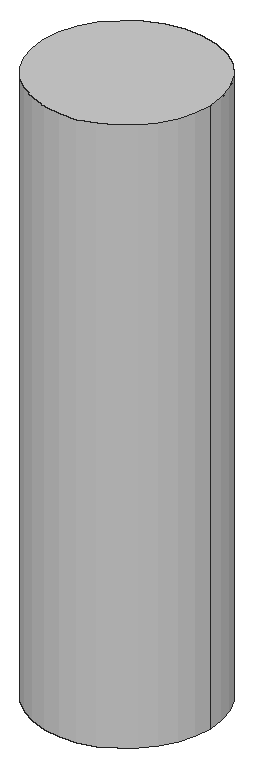
Revit family "Concrete Column Round", category Structural Columns, Revit 2015
Parameters (values of type "750mm")
  Diameter = 750 mm
  Structural Material [instance] = Concrete
Types (5, lengths in mm): name | Diameter
  (no name) | 750
  300mm | 300
  450mm | 450
  600mm | 600
  750mm | 750
Reference planes
  plane 1 "Center (Front/Back)": y = 0
  plane 2: z = 0
  plane 3 "Center (Left/Right)": x = 0
  plane 4: x = -375
  plane 5: x = 375
  plane 6: y = 375
  plane 7: y = -375
Forms (mm)
  Extrusion 1, solid, material "Concrete" <- "Structural Material"
    sketch origin (0, 0, 0) x (1, 0, 0) y (0, 1, 0)
      loop
        circle (0, 0) r 375
    from 0 to 2500
Dimensions and locks
  equal spacing: plane 4, plane 3 "Center (Left/Right)", plane 5
  equal spacing: plane 7, plane 1 "Center (Front/Back)", plane 6
  "Diameter": plane 7 to plane 6
  "Diameter": plane 4 to plane 5
  aligned and locked: level to Extrusion 1
  aligned and locked: level to plane 2
  aligned and locked: Extrusion 1 to plane 2
Automatic sketch dimensions
  Extrusion 1 sketch curve to plane 1 "Center (Front/Back)" = 0 mm
  Extrusion 1 sketch curve to plane 4 = 0 mm
  Extrusion 1 sketch curve to plane 3 "Center (Left/Right)" = 0 mm
